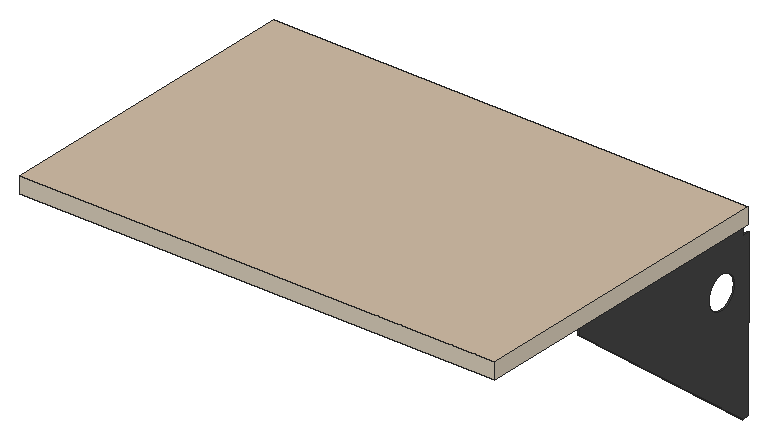
Revit family "a0309988069544f7bbb8fb4ff8d6af6d", category Furniture Systems, Revit 2021
Family settings
  Round Connector Dimension = Use Diameter
  Part Type = Normal
  OmniClass Number = 23.40.70.14.64.21
  OmniClass Title = Systems Furniture
  Work Plane-Based = No
  Always vertical = Yes
  Cut with Voids When Loaded = No
  Shared = No
  Room Calculation Point = No
Parameters (values of type "36" x 24"")
  Work Surface Material [instance] = Plastic Laminate - White Oak
  Type Comments = "36\" x 24\" Rectangular Work Surface with Bracket"
  Thickness = 1 1/4"
  Show Start Bracket [instance] = yes
  Show End Bracket [instance] = yes
  Width = 36"
  Model = ""
  Manufacturer = ""
  Height = 30"
  Edge Material [instance] = Plastic Laminate - Beige - Light - Smooth
  Description = ""
  Depth = 24"
  Default Elevation = 0"
Reference planes (in)
  plane 1 "Center F/B": y = 0
  plane 2: z = 0
  plane 3 "Center L/R": x = 0
  plane 4 "Front": y = -24
  plane 5 "Right": x = 36
  plane 6 "Top": z = 30
  plane 7 "Bottom": z = 28.75
Forms (in)
  Extrusion 1, solid, material "Plastic Laminate - White Oak" <- "Work Surface Material"
    sketch origin (0, 0, 0) x (1, 0, 0) y (0, 1, 0)
      loop
        line (0, 0) -> (0, -24) -> (36, -24) -> (36, 0) -> (0, 0)
    from 28.75 to 30
Lines and regions (in)
  Masking region 1
    outline origin (0, 0, 0) x (1, 0, 0) y (0, 1, 0)
      loop
        line (0, 0) -> (0, -24) -> (36, -24) -> (36, 0) -> (0, 0)
Dimensions and locks (in)
  "Width": plane 3 "Center L/R" to plane 5 "Right"
  "Depth": plane 4 "Front" to plane 1 "Center F/B"
  "Thickness": plane 6 "Top" to plane 7 "Bottom"
  "Height": plane 6 "Top" to plane 2
  aligned and locked: plane 1 "Center F/B" to Extrusion 1 sketch curve
  aligned and locked: plane 5 "Right" to Extrusion 1 sketch curve
  aligned and locked: plane 4 "Front" to Extrusion 1 sketch curve
  aligned and locked: plane 3 "Center L/R" to Extrusion 1 sketch curve
  aligned and locked: level to plane 2
  aligned and locked: plane 6 "Top" to Extrusion 1
  aligned and locked: plane 7 "Bottom" to Extrusion 1
  aligned and locked: plane 3 "Center L/R" to Masking region 1 sketch curve
  aligned and locked: plane 4 "Front" to Masking region 1 sketch curve
  aligned and locked: plane 5 "Right" to Masking region 1 sketch curve
  aligned and locked: plane 1 "Center F/B" to Masking region 1 sketch curve
  aligned and locked: plane 1 "Center F/B" to nested 1
  aligned and locked: nested 1 to plane 5 "Right"
  aligned and locked: nested 2 to plane 1 "Center F/B"
  aligned and locked: plane 3 "Center L/R" to nested 2
  aligned and locked: plane 7 "Bottom" to nested 2
  aligned and locked: nested 1 to plane 7 "Bottom"
Nested families (in)
  nested 1: "Furniture_System-Hardware-Bracket" at (36, 0, 28.75), visible <- "Show End Bracket", type "16" x 13"", detail levels medium+fine
    with Two Sided no, Bracket Material Metal - Painted Black
  nested 2: "Furniture_System-Hardware-Bracket" at (0, 0, 28.75) x (-1, 0, 0) z (0, 0, 1), visible <- "Show Start Bracket", type "16" x 13"", detail levels medium+fine
    with Two Sided no, Bracket Material Metal - Painted Black
Definition of nested family "Furniture_System-Hardware-Bracket"
  Parameters (values of type "16" x 13"")
    Type Comments = "16\" x 13\" Bracket Hardware"
    Two Sided [instance] = no
    Default Elevation = 0"
    Bracket Material [instance] = none
    Assembly Code = ""
  Reference planes (in)
    plane 1 "Center (Front/Back)": y = 0
    plane 2: z = 0
    plane 3 "Center (Left/Right)": x = 0
    plane 4: y = -16
    plane 5 "Left": x = -2
    plane 6 "Right": x = 2
    plane 7: x = -0.125
    plane 8: x = 0.125
    plane 9 "Bottom": z = -13
  Forms (in)
    Extrusion 1, solid, material <- "Bracket Material"
      sketch origin (0, 0, 0) x (0, 1, 0) y (0, 0, 1)
        loop
          line (0, -13) -> (0, -0.5) -> (-0.5, -0.5) -> (-0.5, 0) -> (-16, 0) -> (-16, -0.5) -> (-0.5, -13) -> (0, -13)
        loop
          circle (-2.5, -3.5) r 1.25
      from -0.125 to 0
    Extrusion 2, solid, material <- "Bracket Material"
      sketch origin (0, 0, 0) x (1, 0, 0) y (0, 0, 1)
        loop
          line (-2, 0) -> (-2, -0.125) -> (-0.125, -0.125) -> (-0.125, 0) -> (-2, 0)
      from 0.5 to 16
    Extrusion 3, solid, material <- "Bracket Material", visible <- "Two Sided"
      sketch origin (0, 0, 0) x (-1, 0, 0) y (0, 0, -1)
        loop
          line (-2, 0) -> (-0.125, 0) -> (-0.125, 0.125) -> (-2, 0.125) -> (-2, 0)
      from 0.5 to 16
    Extrusion 4, solid, material <- "Bracket Material", visible <- "Two Sided"
      sketch origin (0, 0, 0) x (0, 1, 0) y (0, 0, 1)
        loop
          line (-16, 0) -> (-16, -0.5) -> (-14.14, -2) -> (-0.5, -2) -> (-0.5, 0) -> (-16, 0)
      from 0 to 0.125
  Cuts and joins
    joined: Extrusion 1, Extrusion 2
    joined: Extrusion 3, Extrusion 4
  Dimensions and locks (in)
    locked: plane 5 "Left" to plane 3 "Center (Left/Right)" at 2
    locked: plane 3 "Center (Left/Right)" to plane 6 "Right" at 2
    plane 7 to plane 3 "Center (Left/Right)" to plane 8 = 1/8" locked, 1/8" locked
    locked: plane 2 to plane 9 "Bottom" at 13
    locked: plane 4 to plane 1 "Center (Front/Back)" at 16
    locked: plane 2 to Extrusion 1 sketch curve at 0.5  (x2)
    locked: plane 1 "Center (Front/Back)" to Extrusion 1 sketch curve at 0.5  (x2)
    locked: plane 1 "Center (Front/Back)" to Extrusion 1 sketch curve at 2.5
    locked: plane 2 to Extrusion 1 sketch curve at 3.5
    locked: plane 2 to Extrusion 2 sketch curve at 0.125
    locked: plane 2 to Extrusion 3 sketch curve at 0.125
    locked: Extrusion 4 sketch curve to plane 1 "Center (Front/Back)" at 0.5
    locked: plane 2 to Extrusion 4 sketch curve at 2
    aligned and locked: Extrusion 1 sketch curve to plane 2
    aligned and locked: plane 1 "Center (Front/Back)" to Extrusion 1 sketch curve
    aligned and locked: Extrusion 1 sketch curve to plane 4
    aligned and locked: Extrusion 1 sketch curve to plane 9 "Bottom"
    aligned and locked: plane 3 "Center (Left/Right)" to Extrusion 1
    aligned and locked: plane 7 to Extrusion 1
    aligned and locked: Extrusion 2 sketch curve to plane 5 "Left"
    aligned and locked: Extrusion 2 sketch curve to plane 2
    aligned and locked: plane 7 to Extrusion 2 sketch curve
    aligned and locked: Extrusion 2 to plane 4
    aligned and locked: Extrusion 1 to Extrusion 2
    aligned and locked: Extrusion 3 to plane 6 "Right"
    aligned and locked: Extrusion 3 to cut or joined group of Extrusion 1, Extrusion 2
    aligned and locked: Extrusion 3 to plane 4
    aligned and locked: Extrusion 4 sketch curve to plane 2
    aligned and locked: plane 4 to Extrusion 4 sketch curve
    aligned and locked: Extrusion 4 to plane 3 "Center (Left/Right)"
    aligned and locked: Extrusion 4 to plane 8
